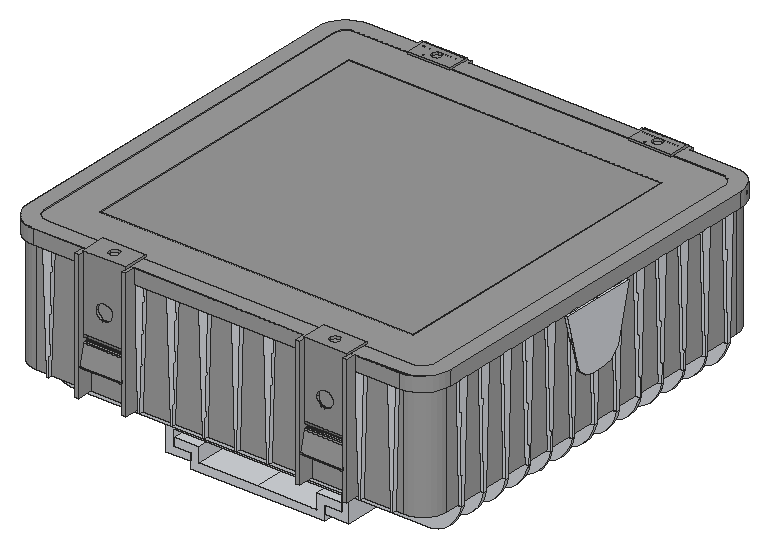
Revit family "BL726LEDHT - 2015", category Lighting Fixtures, host Face, Revit 2017
Family settings
  Host = Face
  Round Connector Dimension = Use Diameter
  Part Type = Normal
  Cut with Voids When Loaded = No
  Light Source = Yes
  Shared = No
  Room Calculation Point = No
Parameters (values of type "BL736LEDHTMOWT40120-277V")
  Wattage Comments = "70W"
  Wattage = 70 W
  built-in parameter 1150110 = 1 (stored number, unit not read)
  Type Image = <None>
  Type Comments = "The BOXLED is ideal for damp or wet applications\r\nincluding warehouses, factories, gymnasiums, loading docks, logistic\r\ncenters and open ceiling environments."
  built-in parameter 1114217 = 0.9 (stored number, unit not read)
  Tilt Angle = -90.00°
  built-in parameter 1150109 = 1 (stored number, unit not read)
  built-in parameter 1150134 = 12
  built-in parameter 1150113 = 1 (stored number, unit not read)
  Photometric Web File = "BL726LEDHTMOWT40120-277V TO REVIT.ies"
  Model = "BOX LED"
  Manufacturer = "BEGHELLI"
  built-in parameter 1150105 = 4251.9 (stored number, unit not read)
  Lumens = 8750 lm
  built-in parameter 1150115 = 1 (stored number, unit not read)
  built-in parameter 1150137 = (empty or 0)
  built-in parameter 1150139 = (empty or 0)
  built-in parameter 1150112 = 1 (stored number, unit not read)
  built-in parameter 1150114 = 1 (stored number, unit not read)
  Lamp = "LED"
  built-in parameter 1150132 = (empty or 0)
  built-in parameter 1150102 = (empty or 0)
  built-in parameter 1150107 = 4000 (stored number, unit not read)
  built-in parameter 1150138 = (empty or 0)
  built-in parameter 1150106 = 42.519 (stored number, unit not read)
  Emit from Line Length = 2' - 0"
  built-in parameter 1150104 = 11.613 (stored number, unit not read)
  Dimming Lamp Color Temperature Shift = <None>
  Description = "BOXLED High-Bay Luminaires for Commercial\r\nand Industrial applications."
  Default Elevation = 4' - 0"
  Color Filter = 16777215
  built-in parameter 1114218 = 1 (stored number, unit not read)
  built-in parameter 1150133 = 10 (stored number, unit not read)
Reference planes (in)
  plane 1 "Center (Front/Back)": y = 0
  plane 2: z = 0
  plane 3 "Center (Left/Right)": x = 0
  plane 4: z = 6.14774
  plane 5: z = 6.15
  plane 6: y = 4.785
  plane 7: y = -4.785
Forms (in)
  Extrusion 1, solid
    sketch origin (0, 0, -2.59375) x (1, 0, 0) y (0, 0, 1)
      loop
        line (-2.77079, 3.72427) -> (-2.77079, 2.7983) -> (-2.02079, 2.7983) -> (-2.02079, 3.03658) -> (-2.53251, 3.03658) -> (-2.53251, 3.48599) -> (2.53251, 3.48599) -> (2.53251, 3.03658) -> (2.02079, 3.03658) -> (2.02079, 2.7983) -> (2.77079, 2.7983) -> (2.77079, 3.72427) -> (-2.77079, 3.72427)
    from -4.785 to 4.785
  Extrusion 2, solid
    sketch origin (0, 0, 0) x (1, 0, 0) y (0, 0, 1)
      loop
        line (-2.02079, 0.44283) -> (-2.02079, 0) -> (0, 0) -> (2.02079, 0) -> (2.02079, 0.44283) -> (2.53251, 0.44283) -> (2.53251, 0.68111) -> (1.78251, 0.68111) -> (1.78251, 0.23828) -> (0, 0.23828) -> (-1.78251, 0.23828) -> (-1.78251, 0.68111) -> (-2.53251, 0.68111) -> (-2.53251, 0.44283) -> (-2.02079, 0.44283)
    from -4.785 to 4.785
Dimensions and locks (in)
  plane 4 to host face = 0' - 6.14774"
  plane 5 to host face = 0' - 6.15"
  aligned and locked: plane 2 to host face
  aligned and locked: level to host face
  aligned and locked: plane 4 to imposter light
  aligned and locked: nested 1 to Extrusion 1
Nested families (in)
  nested 1: "BOX MIDI" at (0, 0, -4.00862), type "BOX MIDI"
Definition of nested family "BOX MIDI"
  Parameters (values of type "BOX MIDI")
    HOUSING MATERIAL = none
  Reference planes (in)
    plane 1 "Center (Front/Back)": y = 0
    plane 2: z = 0
    plane 3 "Center (Left/Right)": x = 0
    plane 4: z = 9.5
    plane 5: y = 6.3
    plane 6: y = -6.3
  Dimensions and locks (in)
    aligned and locked: plane 2 to level
  Nested families (in)
    nested 1: "HOUSING CLIPS" at (-8.73765, -14.38615, 8.03258), type "HOUSING CLIPS"
    nested 2: "HOUSING CLIPS" at (-2.08187, -14.38615, 8.03258), type "HOUSING CLIPS"
    nested 3: "REFLECTOR" at (0, 0, 0), type "REFLECTOR"
    nested 4: "HOUSING" at (0, 0, 0), type "HOUSING"
    nested 5: "LID" at (0, 0, 9.5), type "LID"
    nested 6: "HOUSING CLIPS MIDI 2" at (-8.7689, 14.3, 8.03125), type "HOUSING CLIPS MIDI 2"
    nested 7: "HOUSING CLIPS MIDI 2" at (-2.1053, 14.3, 8.03125), type "HOUSING CLIPS MIDI 2"
    nested 8: "LED BOARD" at (0, 0, 0), type "LED BOARD"
  Definition of nested family "HOUSING CLIPS"
    Parameters (values of type "HOUSING CLIPS")
      HOUSING MATERIAL = none
      CLIP MATERIAL = none
    Reference planes (in)
      plane 1 "Center (Front/Back)": y = 0
      plane 2: z = 0
      plane 3 "Center (Left/Right)": x = 0
    Forms (in)
      Extrusion 1, solid, material <- "CLIP MATERIAL"
        sketch origin (0, -15.92423, 1.61742) x (0, -1, 0) y (0, 0, -1)
          loop
            line (-8.02017, 1.91858) -> (-8.02017, -0.33884) -> (-7.25915, -0.33884) -> (-7.25915, -0.28501) -> (-7.96157, -0.28501) -> (-7.96157, 1.91858)
            arc (-7.96157, 1.91858) -> (-7.94503, 1.96186) -> (-7.90384, 1.98309) r 0.0649
            arc (-7.90384, 1.98309) -> (-7.83924, 2.06953) -> (-7.88292, 2.16822) r 0.10688
            line (-7.88292, 2.16822) -> (-7.95551, 2.1909) -> (-8.09942, 2.76761)
            arc (-8.09942, 2.76761) -> (-8.13714, 2.77261) -> (-8.15211, 2.73763) r 0.03147
            line (-8.15211, 2.73763) -> (-8.00989, 2.1668)
            arc (-8.00989, 2.1668) -> (-8.00142, 2.15027) -> (-7.98651, 2.1392) r 0.04088
            line (-7.98651, 2.1392) -> (-7.92892, 2.1212)
            arc (-7.92892, 2.1212) -> (-7.91415, 2.11404) -> (-7.90213, 2.10286) r 0.05539
            arc (-7.90213, 2.10286) -> (-7.8993, 2.06732) -> (-7.92164, 2.03953) r 0.04828
            arc (-7.92164, 2.03953) -> (-7.99242, 1.99658) -> (-8.02017, 1.91858) r 0.1235
        from 4.82662 to 6.12139
      Extrusion 2, void
        sketch origin (-0.09375, -15.92423, 1.61742) x (1, 0, 0) y (0, 0, -1)
          loop
            circle (5.57949, 1.11842) r 0.25
        from 7.87431 to 8.13209
      Extrusion 3, void
        sketch origin (-0.08594, -15.92423, 1.61742) x (0, -1, 0) y (1, 0, 0)
          loop
            circle (-7.64517, 5.56624) r 0.14931
        from 0.1961 to 0.44919
    Cuts and joins
      Extrusion 2, Extrusion 3 cuts Extrusion 1
    Dimensions and locks (in)
      aligned and locked: plane 2 to level
  Definition of nested family "REFLECTOR"
    Parameters (values of type "REFLECTOR")
      REFLECTOR MATERIAL = none
      HOUSING MATERIAL = none
    Reference planes (in)
      plane 1 "Center (Front/Back)": y = 0
      plane 2: z = 0
      plane 3 "Center (Left/Right)": x = 0
    Forms (in)
      Extrusion 1, solid, material <- "REFLECTOR MATERIAL"
        sketch origin (0, 0, 0) x (0, 1, 0) y (0, 0, 1)
          loop
            line (-5.82344, 9.41252) -> (-5.82344, 9.27847) -> (-0.55987, 6.77979)
            arc (-0.55987, 6.77979) -> (-0.41831, 6.80425) -> (-0.39385, 6.94581) r 0.12462
            arc (-0.39385, 6.94581) -> (-0.7778, 7.56797) -> (-0.838, 8.29658) r 1.56834
            line (-0.838, 8.29658) -> (-2.05585, 7.80454) -> (-2.01049, 7.69226) -> (-0.97656, 8.10999)
            arc (-0.97656, 8.10999) -> (-0.86516, 7.45241) -> (-0.50794, 6.88919) r 1.68944
            line (-0.50794, 6.88919) -> (-5.82344, 9.41252)
        from -5.89844 to 5.89844
      Extrusion 2, solid, material <- "REFLECTOR MATERIAL"
        sketch origin (0, 0, 0.01562) x (0, -1, 0) y (0, 0, -1)
          loop
            arc (-5.83125, -9.20943) -> (-3.44695, -7.55034) -> (-0.64489, -6.78488) r 8.55323
            line (-0.64489, -6.78488) -> (-0.64489, -6.66324)
            arc (-0.64489, -6.66324) -> (-3.4391, -7.41327) -> (-5.83125, -9.04048) r 8.67433
            line (-5.83125, -9.04048) -> (-5.83125, -9.20943)
        from -5.89844 to 5.89844
    Dimensions and locks (in)
      aligned and locked: plane 2 to level
  Definition of nested family "HOUSING"
    Parameters (values of type "HOUSING")
      HOUSING MATERIAL = none
    Reference planes (in)
      plane 1 "Center (Front/Back)": y = 0
      plane 2: z = 0
      plane 3 "Center (Left/Right)": x = 0
      plane 4: z = 9.5
      plane 5: x = -6.36
      plane 6: x = 6.36
      plane 7: y = 6.3
      plane 8: y = -6.3
      plane 9 "A": z = 5.13914
      plane 10: x = -6.36
    Forms (in)
      Extrusion 1, solid, material <- "HOUSING MATERIAL"
        sketch origin (0, 0, 9.10704) x (0, -1, 0) y (1, 0, 0)
          loop
            arc (-6.3125, -5.5305) -> (-6.06515, -6.12765) -> (-5.468, -6.375) r 0.8445
            line (-5.468, -6.375) -> (5.4555, -6.375)
            arc (5.4555, -6.375) -> (6.05265, -6.12765) -> (6.3, -5.5305) r 0.8445
            line (6.3, -5.5305) -> (6.3, -4.03349) -> (6.62294, -4.03349) -> (6.62294, -3.91279) -> (6.3, -3.91279) -> (6.3, -2.61801) -> (6.62294, -2.61801) -> (6.62294, -2.49731) -> (6.3, -2.49731) -> (6.3, 2.62552) -> (6.62294, 2.62552) -> (6.62294, 2.74622) -> (6.3, 2.74622) -> (6.3, 4.03319) -> (6.62294, 4.03319) -> (6.62294, 4.15389) -> (6.3, 4.15389) -> (6.3, 5.5305)
            arc (6.3, 5.5305) -> (6.05265, 6.12765) -> (5.4555, 6.375) r 0.8445
            line (5.4555, 6.375) -> (-5.468, 6.375)
            arc (-5.468, 6.375) -> (-6.06515, 6.12765) -> (-6.3125, 5.5305) r 0.8445
            line (-6.3125, 5.5305) -> (-6.3125, 4.15393) -> (-6.43458, 4.15393) -> (-6.43458, 4.03323) -> (-6.3125, 4.03323) -> (-6.3125, 2.74618) -> (-6.43458, 2.74618) -> (-6.43458, 2.62547) -> (-6.3125, 2.62547) -> (-6.3125, -2.50186) -> (-6.43458, -2.50186) -> (-6.43458, -2.62256) -> (-6.3125, -2.62256) -> (-6.3125, -3.90961) -> (-6.43458, -3.90961) -> (-6.43458, -4.03032) -> (-6.3125, -4.03032) -> (-6.3125, -5.5305)
          loop
            line (-5.468, -5.89844) -> (5.4555, -5.89844)
            arc (5.4555, -5.89844) -> (5.71567, -5.79067) -> (5.82344, -5.5305) r 0.36794
            line (5.82344, -5.5305) -> (5.82344, 5.5305)
            arc (5.82344, 5.5305) -> (5.71567, 5.79067) -> (5.4555, 5.89844) r 0.36794
            line (5.4555, 5.89844) -> (-5.468, 5.89844)
            arc (-5.468, 5.89844) -> (-5.72817, 5.79067) -> (-5.83594, 5.5305) r 0.36794
            line (-5.83594, 5.5305) -> (-5.83594, -5.5305)
            arc (-5.83594, -5.5305) -> (-5.72817, -5.79067) -> (-5.468, -5.89844) r 0.36794
        from 0.39296 to 0.8254
      Extrusion 2, solid, material <- "HOUSING MATERIAL"
        sketch origin (0, 0, 0) x (1, 0, 0) y (0, 1, 0)
          loop
            line (-4.03349, -6.17891) -> (-4.03349, -6.62294) -> (-3.91279, -6.62294) -> (-3.91279, -6.17891) -> (-2.61801, -6.17891) -> (-2.61801, -6.62294) -> (-2.49731, -6.62294) -> (-2.49731, -6.17891) -> (2.62552, -6.17891) -> (2.62552, -6.62294) -> (2.74622, -6.62294) -> (2.74622, -6.17891) -> (4.03319, -6.17891) -> (4.03319, -6.62294) -> (4.15389, -6.62294) -> (4.15389, -6.17891) -> (5.5305, -6.17891)
            arc (5.5305, -6.17891) -> (6.04202, -5.96702) -> (6.25391, -5.4555) r 0.72341
            line (6.25391, -5.4555) -> (6.25391, 5.468)
            arc (6.25391, 5.468) -> (6.04202, 5.97952) -> (5.5305, 6.19141) r 0.72341
            line (5.5305, 6.19141) -> (-5.5305, 6.19141)
            arc (-5.5305, 6.19141) -> (-6.04202, 5.97952) -> (-6.25391, 5.468) r 0.72341
            line (-6.25391, 5.468) -> (-6.25391, -5.4555)
            arc (-6.25391, -5.4555) -> (-6.04202, -5.96702) -> (-5.5305, -6.17891) r 0.72341
            line (-5.5305, -6.17891) -> (-4.03349, -6.17891)
        from 6.04979 to 9.5
      Extrusion 3, void
        sketch origin (0, 0, 0) x (1, 0, 0) y (0, 1, 0)
          loop
            line (-5.89844, 5.468) -> (-5.89844, -5.4555)
            arc (-5.89844, -5.4555) -> (-5.79067, -5.71567) -> (-5.5305, -5.82344) r 0.36794
            line (-5.5305, -5.82344) -> (5.5305, -5.82344)
            arc (5.5305, -5.82344) -> (5.79067, -5.71567) -> (5.89844, -5.4555) r 0.36794
            line (5.89844, -5.4555) -> (5.89844, 5.468)
            arc (5.89844, 5.468) -> (5.79067, 5.72817) -> (5.5305, 5.83594) r 0.36794
            line (5.5305, 5.83594) -> (-5.5305, 5.83594)
            arc (-5.5305, 5.83594) -> (-5.79067, 5.72817) -> (-5.89844, 5.468) r 0.36794
        from 6.67477 to 10.7086
      Extrusion 4, solid
        sketch origin (0, 0, 0) x (1, 0, 0) y (0, 0, -1)
          loop
            line (-6.36133, -6.04979) -> (6.375, -6.04979)
            arc (6.375, -6.04979) -> (6.05245, -5.4475) -> (5.44278, -5.13914) r 1.13602
            line (5.44278, -5.13914) -> (-5.42911, -5.13914)
            arc (-5.42911, -5.13914) -> (-6.03878, -5.4475) -> (-6.36133, -6.04979) r 1.13602
        from 4.99389 to 5.04709
      Extrusion 5, solid
        sketch origin (0, -0.83619, 0) x (1, 0, 0) y (0, 0, -1)
          loop
            line (-6.36133, -6.04979) -> (6.375, -6.04979)
            arc (6.375, -6.04979) -> (6.05245, -5.4475) -> (5.44278, -5.13914) r 1.13602
            line (5.44278, -5.13914) -> (-5.42911, -5.13914)
            arc (-5.42911, -5.13914) -> (-6.03878, -5.4475) -> (-6.36133, -6.04979) r 1.13602
        from 4.99389 to 5.04709
      Extrusion 6, solid
        sketch origin (0, -1.67239, 0) x (1, 0, 0) y (0, 0, -1)
          loop
            line (-6.36133, -6.04979) -> (6.375, -6.04979)
            arc (6.375, -6.04979) -> (6.05245, -5.4475) -> (5.44278, -5.13914) r 1.13602
            line (5.44278, -5.13914) -> (-5.42911, -5.13914)
            arc (-5.42911, -5.13914) -> (-6.03878, -5.4475) -> (-6.36133, -6.04979) r 1.13602
        from 4.99389 to 5.04709
      Extrusion 7, solid
        sketch origin (0, -2.50858, 0) x (1, 0, 0) y (0, 0, -1)
          loop
            line (-6.36133, -6.04979) -> (6.375, -6.04979)
            arc (6.375, -6.04979) -> (6.05245, -5.4475) -> (5.44278, -5.13914) r 1.13602
            line (5.44278, -5.13914) -> (-5.42911, -5.13914)
            arc (-5.42911, -5.13914) -> (-6.03878, -5.4475) -> (-6.36133, -6.04979) r 1.13602
        from 4.99389 to 5.04709
      Extrusion 8, solid
        sketch origin (0, -3.34478, 0) x (1, 0, 0) y (0, 0, -1)
          loop
            line (-6.36133, -6.04979) -> (6.375, -6.04979)
            arc (6.375, -6.04979) -> (6.05245, -5.4475) -> (5.44278, -5.13914) r 1.13602
            line (5.44278, -5.13914) -> (-5.42911, -5.13914)
            arc (-5.42911, -5.13914) -> (-6.03878, -5.4475) -> (-6.36133, -6.04979) r 1.13602
        from 4.99389 to 5.04709
      Extrusion 9, solid
        sketch origin (0, -4.18097, 0) x (1, 0, 0) y (0, 0, -1)
          loop
            line (-6.36133, -6.04979) -> (6.375, -6.04979)
            arc (6.375, -6.04979) -> (6.05245, -5.4475) -> (5.44278, -5.13914) r 1.13602
            line (5.44278, -5.13914) -> (-5.42911, -5.13914)
            arc (-5.42911, -5.13914) -> (-6.03878, -5.4475) -> (-6.36133, -6.04979) r 1.13602
        from 4.99389 to 5.04709
      Extrusion 10, solid
        sketch origin (0, -5.01717, 0) x (1, 0, 0) y (0, 0, -1)
          loop
            line (-6.36133, -6.04979) -> (6.375, -6.04979)
            arc (6.375, -6.04979) -> (6.05245, -5.4475) -> (5.44278, -5.13914) r 1.13602
            line (5.44278, -5.13914) -> (-5.42911, -5.13914)
            arc (-5.42911, -5.13914) -> (-6.03878, -5.4475) -> (-6.36133, -6.04979) r 1.13602
        from 4.99389 to 5.04709
      Extrusion 11, solid
        sketch origin (0, -5.85336, 0) x (1, 0, 0) y (0, 0, -1)
          loop
            line (-6.36133, -6.04979) -> (6.375, -6.04979)
            arc (6.375, -6.04979) -> (6.05245, -5.4475) -> (5.44278, -5.13914) r 1.13602
            line (5.44278, -5.13914) -> (-5.42911, -5.13914)
            arc (-5.42911, -5.13914) -> (-6.03878, -5.4475) -> (-6.36133, -6.04979) r 1.13602
        from 4.99389 to 5.04709
      Extrusion 12, solid
        sketch origin (0, -6.68956, 0) x (1, 0, 0) y (0, 0, -1)
          loop
            line (-6.36133, -6.04979) -> (6.375, -6.04979)
            arc (6.375, -6.04979) -> (6.05245, -5.4475) -> (5.44278, -5.13914) r 1.13602
            line (5.44278, -5.13914) -> (-5.42911, -5.13914)
            arc (-5.42911, -5.13914) -> (-6.03878, -5.4475) -> (-6.36133, -6.04979) r 1.13602
        from 4.99389 to 5.04709
      Extrusion 13, solid
        sketch origin (0, -7.52575, 0) x (1, 0, 0) y (0, 0, -1)
          loop
            line (-6.36133, -6.04979) -> (6.375, -6.04979)
            arc (6.375, -6.04979) -> (6.05245, -5.4475) -> (5.44278, -5.13914) r 1.13602
            line (5.44278, -5.13914) -> (-5.42911, -5.13914)
            arc (-5.42911, -5.13914) -> (-6.03878, -5.4475) -> (-6.36133, -6.04979) r 1.13602
        from 4.99389 to 5.04709
      Extrusion 14, solid
        sketch origin (0, -8.36195, 0) x (1, 0, 0) y (0, 0, -1)
          loop
            line (-6.36133, -6.04979) -> (6.375, -6.04979)
            arc (6.375, -6.04979) -> (6.05245, -5.4475) -> (5.44278, -5.13914) r 1.13602
            line (5.44278, -5.13914) -> (-5.42911, -5.13914)
            arc (-5.42911, -5.13914) -> (-6.03878, -5.4475) -> (-6.36133, -6.04979) r 1.13602
        from 4.99389 to 5.04709
      Extrusion 15, solid
        sketch origin (0, -9.19814, 0) x (1, 0, 0) y (0, 0, -1)
          loop
            line (-6.36133, -6.04979) -> (6.375, -6.04979)
            arc (6.375, -6.04979) -> (6.05245, -5.4475) -> (5.44278, -5.13914) r 1.13602
            line (5.44278, -5.13914) -> (-5.42911, -5.13914)
            arc (-5.42911, -5.13914) -> (-6.03878, -5.4475) -> (-6.36133, -6.04979) r 1.13602
        from 4.99389 to 5.04709
      Extrusion 16, solid
        sketch origin (0, -10.03434, 0) x (1, 0, 0) y (0, 0, -1)
          loop
            line (-6.36133, -6.04979) -> (6.375, -6.04979)
            arc (6.375, -6.04979) -> (6.05245, -5.4475) -> (5.44278, -5.13914) r 1.13602
            line (5.44278, -5.13914) -> (-5.42911, -5.13914)
            arc (-5.42911, -5.13914) -> (-6.03878, -5.4475) -> (-6.36133, -6.04979) r 1.13602
        from 4.99389 to 5.04709
      Extrusion 17, solid
        sketch origin (0, 20.13798, 0.55573) x (0, -1, 0) y (0, 0, 1)
          loop
            line (15.09088, 5.49406) -> (15.14409, 5.49406) -> (15.24262, 8.94427) -> (14.97903, 8.94427) -> (15.09088, 5.49406)
        from -6.375 to -6.25391
      Extrusion 18, solid
        sketch origin (0, 10.10364, 0.55573) x (0, -1, 0) y (0, 0, 1)
          loop
            line (15.09088, 5.49406) -> (15.14409, 5.49406) -> (15.24262, 8.94427) -> (14.97903, 8.94427) -> (15.09088, 5.49406)
        from -6.375 to -6.25391
      Extrusion 19, solid
        sketch origin (0, 19.30178, 0.55573) x (0, -1, 0) y (0, 0, 1)
          loop
            line (15.09088, 5.49406) -> (15.14409, 5.49406) -> (15.24262, 8.94427) -> (14.97903, 8.94427) -> (15.09088, 5.49406)
        from -6.375 to -6.25391
      Extrusion 20, solid
        sketch origin (0, 18.46559, 0.55573) x (0, -1, 0) y (0, 0, 1)
          loop
            line (15.09088, 5.49406) -> (15.14409, 5.49406) -> (15.24262, 8.94427) -> (14.97903, 8.94427) -> (15.09088, 5.49406)
        from -6.375 to -6.25391
      Extrusion 21, solid
        sketch origin (0, 17.62939, 0.55573) x (0, -1, 0) y (0, 0, 1)
          loop
            line (15.09088, 5.49406) -> (15.14409, 5.49406) -> (15.24262, 8.94427) -> (14.97903, 8.94427) -> (15.09088, 5.49406)
        from -6.375 to -6.25391
      Extrusion 22, solid
        sketch origin (0, 16.7932, 0.55573) x (0, -1, 0) y (0, 0, 1)
          loop
            line (15.09088, 5.49406) -> (15.14409, 5.49406) -> (15.24262, 8.94427) -> (14.97903, 8.94427) -> (15.09088, 5.49406)
        from -6.375 to -6.25391
      Extrusion 23, solid
        sketch origin (0, 15.957, 0.55573) x (0, -1, 0) y (0, 0, 1)
          loop
            line (15.09088, 5.49406) -> (15.14409, 5.49406) -> (15.24262, 8.94427) -> (14.97903, 8.94427) -> (15.09088, 5.49406)
        from -6.375 to -6.25391
      Extrusion 24, solid
        sketch origin (0, 15.12081, 0.55573) x (0, -1, 0) y (0, 0, 1)
          loop
            line (15.09088, 5.49406) -> (15.14409, 5.49406) -> (15.24262, 8.94427) -> (14.97903, 8.94427) -> (15.09088, 5.49406)
        from -6.375 to -6.25391
      Extrusion 25, solid
        sketch origin (0, 14.28461, 0.55573) x (0, -1, 0) y (0, 0, 1)
          loop
            line (15.09088, 5.49406) -> (15.14409, 5.49406) -> (15.24262, 8.94427) -> (14.97903, 8.94427) -> (15.09088, 5.49406)
        from -6.375 to -6.25391
      Extrusion 26, solid
        sketch origin (0, 13.44842, 0.55573) x (0, -1, 0) y (0, 0, 1)
          loop
            line (15.09088, 5.49406) -> (15.14409, 5.49406) -> (15.24262, 8.94427) -> (14.97903, 8.94427) -> (15.09088, 5.49406)
        from -6.375 to -6.25391
      Extrusion 27, solid
        sketch origin (0, 12.61222, 0.55573) x (0, -1, 0) y (0, 0, 1)
          loop
            line (15.09088, 5.49406) -> (15.14409, 5.49406) -> (15.24262, 8.94427) -> (14.97903, 8.94427) -> (15.09088, 5.49406)
        from -6.375 to -6.25391
      Extrusion 28, solid
        sketch origin (0, 11.77603, 0.55573) x (0, -1, 0) y (0, 0, 1)
          loop
            line (15.09088, 5.49406) -> (15.14409, 5.49406) -> (15.24262, 8.94427) -> (14.97903, 8.94427) -> (15.09088, 5.49406)
        from -6.375 to -6.25391
      Extrusion 29, solid
        sketch origin (0, 10.93983, 0.55573) x (0, -1, 0) y (0, 0, 1)
          loop
            line (15.09088, 5.49406) -> (15.14409, 5.49406) -> (15.24262, 8.94427) -> (14.97903, 8.94427) -> (15.09088, 5.49406)
        from -6.375 to -6.25391
      Extrusion 30, solid
        sketch origin (-1.03671, 0, 10.32145) x (0, -1, 0) y (0, 0, -1)
          loop
            line (-0.72141, 2.41285) -> (-1.14782, 0.82145) -> (0, 0.82145) -> (1.14782, 0.82145) -> (0.72141, 2.41285)
            arc (0.72141, 2.41285) -> (0.51178, 2.65151) -> (0.21284, 2.75891) r 0.63551
            line (0.21284, 2.75891) -> (-0.21284, 2.75891)
            arc (-0.21284, 2.75891) -> (-0.51178, 2.65151) -> (-0.72141, 2.41285) r 0.63551
        from 7.39671 to 7.49363
      Extrusion 31, solid
        sketch origin (0, -20.13798, 0.55573) x (0, 1, 0) y (0, 0, 1)
          loop
            line (25.18507, 5.49406) -> (25.29692, 8.94427) -> (25.03333, 8.94427) -> (25.13186, 5.49406) -> (25.18507, 5.49406)
        from -6.375 to -6.25391
      Extrusion 32, solid
        sketch origin (0, -10.10364, 0.55573) x (0, 1, 0) y (0, 0, 1)
          loop
            line (5.1164, 5.49406) -> (5.22825, 8.94427) -> (4.96466, 8.94427) -> (5.06319, 5.49406) -> (5.1164, 5.49406)
        from -6.375 to -6.25391
      Extrusion 33, solid
        sketch origin (0, -19.30178, 0.55573) x (0, 1, 0) y (0, 0, 1)
          loop
            line (23.51268, 5.49406) -> (23.62453, 8.94427) -> (23.36094, 8.94427) -> (23.45947, 5.49406) -> (23.51268, 5.49406)
        from -6.375 to -6.25391
      Extrusion 34, solid
        sketch origin (0, -18.46559, 0.55573) x (0, 1, 0) y (0, 0, 1)
          loop
            line (21.84029, 5.49406) -> (21.95214, 8.94427) -> (21.68855, 8.94427) -> (21.78708, 5.49406) -> (21.84029, 5.49406)
        from -6.375 to -6.25391
      Extrusion 35, solid
        sketch origin (0, -17.62939, 0.55573) x (0, 1, 0) y (0, 0, 1)
          loop
            line (20.1679, 5.49406) -> (20.27975, 8.94427) -> (20.01616, 8.94427) -> (20.11469, 5.49406) -> (20.1679, 5.49406)
        from -6.375 to -6.25391
      Extrusion 36, solid
        sketch origin (0, -16.7932, 0.55573) x (0, 1, 0) y (0, 0, 1)
          loop
            line (18.49551, 5.49406) -> (18.60737, 8.94427) -> (18.34377, 8.94427) -> (18.4423, 5.49406) -> (18.49551, 5.49406)
        from -6.375 to -6.25391
      Extrusion 37, solid
        sketch origin (0, -15.957, 0.55573) x (0, 1, 0) y (0, 0, 1)
          loop
            line (16.82312, 5.49406) -> (16.93498, 8.94427) -> (16.67138, 8.94427) -> (16.76991, 5.49406) -> (16.82312, 5.49406)
        from -6.375 to -6.25391
      Extrusion 38, solid
        sketch origin (0, -15.12081, 0.55573) x (0, 1, 0) y (0, 0, 1)
          loop
            line (15.15073, 5.49406) -> (15.26259, 8.94427) -> (14.99899, 8.94427) -> (15.09753, 5.49406) -> (15.15073, 5.49406)
        from -6.375 to -6.25391
      Extrusion 39, solid
        sketch origin (0, -14.28461, 0.55573) x (0, 1, 0) y (0, 0, 1)
          loop
            line (13.47834, 5.49406) -> (13.5902, 8.94427) -> (13.3266, 8.94427) -> (13.42514, 5.49406) -> (13.47834, 5.49406)
        from -6.375 to -6.25391
      Extrusion 40, solid
        sketch origin (0, -13.44842, 0.55573) x (0, 1, 0) y (0, 0, 1)
          loop
            line (11.80595, 5.49406) -> (11.91781, 8.94427) -> (11.65421, 8.94427) -> (11.75275, 5.49406) -> (11.80595, 5.49406)
        from -6.375 to -6.25391
      Extrusion 41, solid
        sketch origin (0, -12.61222, 0.55573) x (0, 1, 0) y (0, 0, 1)
          loop
            line (10.13356, 5.49406) -> (10.24542, 8.94427) -> (9.98182, 8.94427) -> (10.08036, 5.49406) -> (10.13356, 5.49406)
        from -6.375 to -6.25391
      Extrusion 42, solid
        sketch origin (0, -11.77603, 0.55573) x (0, 1, 0) y (0, 0, 1)
          loop
            line (8.46118, 5.49406) -> (8.57303, 8.94427) -> (8.30944, 8.94427) -> (8.40797, 5.49406) -> (8.46118, 5.49406)
        from -6.375 to -6.25391
      Extrusion 43, solid
        sketch origin (0, -10.93983, 0.55573) x (0, 1, 0) y (0, 0, 1)
          loop
            line (6.78879, 5.49406) -> (6.90064, 8.94427) -> (6.63705, 8.94427) -> (6.73558, 5.49406) -> (6.78879, 5.49406)
        from -6.375 to -6.25391
      Extrusion 44, solid
        sketch origin (1.03671, 0, 10.32145) x (0, -1, 0) y (0, 0, 1)
          loop
            arc (-0.72141, -2.41285) -> (-0.51178, -2.65151) -> (-0.21284, -2.75891) r 0.63551
            line (-0.21284, -2.75891) -> (0.21284, -2.75891)
            arc (0.21284, -2.75891) -> (0.51178, -2.65151) -> (0.72141, -2.41285) r 0.63551
            line (0.72141, -2.41285) -> (1.14782, -0.82145) -> (0, -0.82145) -> (-1.14782, -0.82145) -> (-0.72141, -2.41285)
        from 7.39671 to 7.49363
      Extrusion 45, solid
        sketch origin (-19.27379, 0.05907, 0.55573) x (1, 0, 0) y (0, 0, 1)
          loop
            line (15.09088, 5.49406) -> (15.14409, 5.49406) -> (15.24262, 8.94427) -> (14.97903, 8.94427) -> (15.09088, 5.49406)
        from -6.24093 to -6.13234
      Extrusion 46, solid
        sketch origin (-17.48089, 0.05907, 0.55573) x (1, 0, 0) y (0, 0, 1)
          loop
            line (15.09088, 5.49406) -> (15.14409, 5.49406) -> (15.24262, 8.94427) -> (14.97903, 8.94427) -> (15.09088, 5.49406)
        from -6.24093 to -6.13234
      Extrusion 47, solid
        sketch origin (-12.618, 0.05907, 0.55573) x (1, 0, 0) y (0, 0, 1)
          loop
            line (15.09088, 5.49406) -> (15.14409, 5.49406) -> (15.24262, 8.94427) -> (14.97903, 8.94427) -> (15.09088, 5.49406)
        from -6.24093 to -6.13234
      Extrusion 48, solid
        sketch origin (-10.8251, 0.05907, 0.55573) x (1, 0, 0) y (0, 0, 1)
          loop
            line (15.09088, 5.49406) -> (15.14409, 5.49406) -> (15.24262, 8.94427) -> (14.97903, 8.94427) -> (15.09088, 5.49406)
        from -6.24093 to -6.13234
      Extrusion 49, solid
        sketch origin (-16.50831, 0.05907, 0.55573) x (1, 0, 0) y (0, 0, 1)
          loop
            line (15.09088, 5.49406) -> (15.14409, 5.49406) -> (15.24262, 8.94427) -> (14.97903, 8.94427) -> (15.09088, 5.49406)
        from -6.24093 to -6.13234
      Extrusion 50, solid
        sketch origin (-15.53573, 0.05907, 0.55573) x (1, 0, 0) y (0, 0, 1)
          loop
            line (15.09088, 5.49406) -> (15.14409, 5.49406) -> (15.24262, 8.94427) -> (14.97903, 8.94427) -> (15.09088, 5.49406)
        from -6.24093 to -6.13234
      Extrusion 51, solid
        sketch origin (-14.56315, 0.05907, 0.55573) x (1, 0, 0) y (0, 0, 1)
          loop
            line (15.09088, 5.49406) -> (15.14409, 5.49406) -> (15.24262, 8.94427) -> (14.97903, 8.94427) -> (15.09088, 5.49406)
        from -6.24093 to -6.13234
      Extrusion 52, solid
        sketch origin (-13.59058, 0.05907, 0.55573) x (1, 0, 0) y (0, 0, 1)
          loop
            line (15.09088, 5.49406) -> (15.14409, 5.49406) -> (15.24262, 8.94427) -> (14.97903, 8.94427) -> (15.09088, 5.49406)
        from -6.24093 to -6.13234
      Extrusion 53, solid
        sketch origin (-20.50996, 0.05907, 0.55573) x (1, 0, 0) y (0, 0, 1)
          loop
            line (15.09088, 5.49406) -> (15.14409, 5.49406) -> (15.24262, 8.94427) -> (14.97903, 8.94427) -> (15.09088, 5.49406)
        from -6.24093 to -6.13234
      Extrusion 54, solid
        sketch origin (-9.85252, 0.05907, 0.55573) x (1, 0, 0) y (0, 0, 1)
          loop
            line (15.09088, 5.49406) -> (15.14409, 5.49406) -> (15.24262, 8.94427) -> (14.97903, 8.94427) -> (15.09088, 5.49406)
        from -6.24093 to -6.13234
      Extrusion 55, solid
        sketch origin (-9.85252, -12.41945, 0.55573) x (1, 0, 0) y (0, 0, 1)
          loop
            line (15.09088, 5.49406) -> (15.14409, 5.49406) -> (15.24262, 8.94427) -> (14.97903, 8.94427) -> (15.09088, 5.49406)
        from -6.24093 to -6.13234
      Extrusion 56, solid
        sketch origin (-10.8251, -12.41984, 0.55573) x (1, 0, 0) y (0, 0, 1)
          loop
            line (15.09088, 5.49406) -> (15.14409, 5.49406) -> (15.24262, 8.94427) -> (14.97903, 8.94427) -> (15.09088, 5.49406)
        from -6.24093 to -6.13234
      Extrusion 57, solid
        sketch origin (10.94619, -12.41984, 0.55573) x (-1, 0, 0) y (0, 0, -1)
          loop
            line (15.09088, -5.49406) -> (14.97903, -8.94427) -> (15.24262, -8.94427) -> (15.14409, -5.49406) -> (15.09088, -5.49406)
        from -6.24093 to -6.13234
      Extrusion 58, solid
        sketch origin (-20.24825, -12.41984, 0.55573) x (1, 0, 0) y (0, 0, 1)
          loop
            line (15.09088, 5.49406) -> (15.14409, 5.49406) -> (15.24262, 8.94427) -> (14.97903, 8.94427) -> (15.09088, 5.49406)
        from -6.24093 to -6.13234
      Extrusion 59, solid
        sketch origin (12.74529, -12.41984, 0.55573) x (-1, 0, 0) y (0, 0, -1)
          loop
            line (15.09088, -5.49406) -> (14.97903, -8.94427) -> (15.24262, -8.94427) -> (15.14409, -5.49406) -> (15.09088, -5.49406)
        from -6.24093 to -6.13234
      Extrusion 60, solid
        sketch origin (-12.6171, -12.41984, 0.55573) x (1, 0, 0) y (0, 0, 1)
          loop
            line (15.09088, 5.49406) -> (15.14409, 5.49406) -> (15.24262, 8.94427) -> (14.97903, 8.94427) -> (15.09088, 5.49406)
        from -6.24093 to -6.13234
      Extrusion 61, solid
        sketch origin (-16.50831, -12.30265, 0.55573) x (1, 0, 0) y (0, 0, 1)
          loop
            line (15.09088, 5.49406) -> (15.14409, 5.49406) -> (15.24262, 8.94427) -> (14.97903, 8.94427) -> (15.09088, 5.49406)
        from -6.24093 to -6.13234
      Extrusion 62, solid
        sketch origin (-15.53573, -12.30265, 0.55573) x (1, 0, 0) y (0, 0, 1)
          loop
            line (15.09088, 5.49406) -> (15.14409, 5.49406) -> (15.24262, 8.94427) -> (14.97903, 8.94427) -> (15.09088, 5.49406)
        from -6.24093 to -6.13234
      Extrusion 63, solid
        sketch origin (-14.56315, -12.30265, 0.55573) x (1, 0, 0) y (0, 0, 1)
          loop
            line (15.09088, 5.49406) -> (15.14409, 5.49406) -> (15.24262, 8.94427) -> (14.97903, 8.94427) -> (15.09088, 5.49406)
        from -6.24093 to -6.13234
      Extrusion 64, solid
        sketch origin (-13.59058, -12.30265, 0.55573) x (1, 0, 0) y (0, 0, 1)
          loop
            line (15.09088, 5.49406) -> (15.14409, 5.49406) -> (15.24262, 8.94427) -> (14.97903, 8.94427) -> (15.09088, 5.49406)
        from -6.24093 to -6.13234
    Cuts and joins
      Extrusion 3 cuts Extrusion 1
      Extrusion 3 cuts Extrusion 2
      joined: Extrusion 1, Extrusion 2
    Dimensions and locks (in)
      equal spacing: group 14, group 16, group 17, group 18, group 19, group 20, group 21, group 22, group 23, group 24, group 25, group 26, group 15  (x2)
      equal spacing: group 15, group 26, group 25, group 24, group 23, group 22, group 21, group 20, group 19, group 18, group 17, group 16, group 14
      aligned and locked: plane 2 to level
  Definition of nested family "LID"
    Parameters (values of type "LID")
      LENS MATERIAL = none
      HOUSING MATERIAL = none
    Reference planes (in)
      plane 1 "Center (Front/Back)": y = 0
      plane 2: z = 0
      plane 3 "Center (Left/Right)": x = 0
      plane 4: x = -6.375
      plane 5: x = 6.375
      plane 6: y = 6.3125
      plane 7: y = -6.3125
    Forms (in)
      Extrusion 1, solid, material <- "HOUSING MATERIAL"
        sketch origin (0, 0, 0) x (1, 0, 0) y (0, 1, 0)
          loop
            arc (-5.5305, 6.3125) -> (-6.12765, 6.06515) -> (-6.375, 5.468) r 0.8445
            line (-6.375, 5.468) -> (-6.375, -5.468)
            arc (-6.375, -5.468) -> (-6.12765, -6.06515) -> (-5.5305, -6.3125) r 0.8445
            line (-5.5305, -6.3125) -> (5.5305, -6.3125)
            arc (5.5305, -6.3125) -> (6.12765, -6.06515) -> (6.375, -5.468) r 0.8445
            line (6.375, -5.468) -> (6.375, 5.468)
            arc (6.375, 5.468) -> (6.12765, 6.06515) -> (5.5305, 6.3125) r 0.8445
            line (5.5305, 6.3125) -> (-5.5305, 6.3125)
          loop
            line (-4.8125, 4.67304) -> (-4.8125, -4.70281) -> (4.625, -4.70281) -> (4.625, 4.67304) -> (-4.8125, 4.67304)
        from 0 to 0.43104
      Extrusion 2, solid, material <- "LENS MATERIAL"
        sketch origin (0, 0, 0) x (1, 0, 0) y (0, 1, 0)
          loop
            line (-4.8125, 4.67304) -> (-4.8125, -4.70281) -> (4.625, -4.70281) -> (4.625, 4.67304) -> (-4.8125, 4.67304)
        from 0 to 0.43104
    Dimensions and locks (in)
      plane 4 to plane 3 "Center (Left/Right)" = 0' - 6 3/8"
      plane 6 to plane 1 "Center (Front/Back)" = 0' - 6 5/16"
      aligned and locked: plane 2 to level
  Definition of nested family "HOUSING CLIPS MIDI 2"
    Parameters (values of type "HOUSING CLIPS MIDI 2")
      HOUSING MATERIAL = none
      CLIP MATERIAL = none
    Reference planes (in)
      plane 1 "Center (Front/Back)": y = 0
      plane 2: z = 0
      plane 3 "Center (Left/Right)": x = 0
    Forms (in)
      Extrusion 1, solid, material <- "CLIP MATERIAL"
        sketch origin (0, -15.92423, 1.61742) x (0, -1, 0) y (0, 0, -1)
          loop
            line (-8.04751, -0.03359) -> (-8.04751, -0.28024)
            arc (-8.04751, -0.28024) -> (-8.03035, -0.32167) -> (-7.98892, -0.33884) r 0.05859
            line (-7.98892, -0.33884) -> (-7.38951, -0.33884) -> (-7.38951, -0.28501) -> (-7.87253, -0.28501)
            arc (-7.87253, -0.28501) -> (-7.92257, -0.26428) -> (-7.9433, -0.21424) r 0.07077
            line (-7.9433, -0.21424) -> (-7.9433, -0.03359)
            arc (-7.9433, -0.03359) -> (-7.99541, 0.01852) -> (-8.04751, -0.03359) r 0.0521
        from 4.86009 to 6.1303
      Extrusion 2, void
        sketch origin (-0.05469, -15.88516, 1.61742) x (0, -1, 0) y (1, 0, 0)
          loop
            circle (-7.64517, 5.56624) r 0.14844
        from 0.1961 to 0.44919
    Cuts and joins
      Extrusion 2 cuts Extrusion 1
    Dimensions and locks (in)
      aligned and locked: plane 2 to level
  Definition of nested family "LED BOARD"
    Parameters (values of type "LED BOARD")
      LED CHIP = none
      LED BOARD = none
      HOUSING MATERIAL = none
    Reference planes (in)
      plane 1 "Center (Front/Back)": y = 0
      plane 2: z = 0
      plane 3 "Center (Left/Right)": x = 0
      plane 4: z = 9.5
      plane 5 "A": z = 5.13914
      plane 6: y = 1.08
      plane 7: y = -1.08
      plane 8: x = -5.89844
      plane 9: x = 5.89844
    Forms (in)
      Extrusion 1, solid, material <- "LED BOARD"
        sketch origin (0, 0, 0) x (0, 1, 0) y (0, 0, 1)
          loop
            line (1.08, 6.75806) -> (-1.08, 6.75806) -> (-1.08, 6.67886) -> (1.08, 6.67886) -> (1.08, 6.75806)
        from -5.89844 to 5.89844
      Extrusion 2, solid, material <- "LED CHIP"
        sketch origin (-2.31519, 0, 0) x (1, 0, 0) y (0, 1, 0)
          loop
            line (-3.31571, 0.06163) -> (-3.31571, -0.05781) -> (-3.18632, -0.05781) -> (-3.18632, 0.06163) -> (-3.31571, 0.06163)
        from 6.75806 to 6.78035
      Extrusion 3, solid, material <- "LED CHIP"
        sketch origin (-2.31519, 0.26805, 0) x (1, 0, 0) y (0, 1, 0)
          loop
            line (-3.31571, 0.06163) -> (-3.31571, -0.05781) -> (-3.18632, -0.05781) -> (-3.18632, 0.06163) -> (-3.31571, 0.06163)
        from 6.75806 to 6.78035
      Extrusion 4, solid, material <- "LED CHIP"
        sketch origin (-2.31519, -0.26805, 0) x (1, 0, 0) y (0, 1, 0)
          loop
            line (-3.31571, -0.06163) -> (-3.18632, -0.06163) -> (-3.18632, 0.05781) -> (-3.31571, 0.05781) -> (-3.31571, -0.06163)
        from 6.75806 to 6.78035
      Extrusion 5, solid, material <- "LED CHIP"
        sketch origin (8.81722, 0, 0) x (1, 0, 0) y (0, 1, 0)
          loop
            line (-3.31571, 0.06163) -> (-3.31571, -0.05781) -> (-3.18632, -0.05781) -> (-3.18632, 0.06163) -> (-3.31571, 0.06163)
        from 6.75806 to 6.78035
      Extrusion 6, solid, material <- "LED CHIP"
        sketch origin (8.81722, 0.26805, 0) x (1, 0, 0) y (0, 1, 0)
          loop
            line (-3.31571, 0.06163) -> (-3.31571, -0.05781) -> (-3.18632, -0.05781) -> (-3.18632, 0.06163) -> (-3.31571, 0.06163)
        from 6.75806 to 6.78035
      Extrusion 7, solid, material <- "LED CHIP"
        sketch origin (8.81722, -0.26805, 0) x (1, 0, 0) y (0, 1, 0)
          loop
            line (-3.31571, -0.06163) -> (-3.18632, -0.06163) -> (-3.18632, 0.05781) -> (-3.31571, 0.05781) -> (-3.31571, -0.06163)
        from 6.75806 to 6.78035
      Extrusion 8, solid, material <- "LED CHIP"
        sketch origin (-2.088, 0, 0) x (1, 0, 0) y (0, 1, 0)
          loop
            line (-3.31571, 0.06163) -> (-3.31571, -0.05781) -> (-3.18632, -0.05781) -> (-3.18632, 0.06163) -> (-3.31571, 0.06163)
        from 6.75806 to 6.78035
      Extrusion 9, solid, material <- "LED CHIP"
        sketch origin (-2.088, 0.26805, 0) x (1, 0, 0) y (0, 1, 0)
          loop
            line (-3.31571, 0.06163) -> (-3.31571, -0.05781) -> (-3.18632, -0.05781) -> (-3.18632, 0.06163) -> (-3.31571, 0.06163)
        from 6.75806 to 6.78035
      Extrusion 10, solid, material <- "LED CHIP"
        sketch origin (-2.088, -0.26805, 0) x (1, 0, 0) y (0, 1, 0)
          loop
            line (-3.31571, -0.06163) -> (-3.18632, -0.06163) -> (-3.18632, 0.05781) -> (-3.31571, 0.05781) -> (-3.31571, -0.06163)
        from 6.75806 to 6.78035
      Extrusion 11, solid, material <- "LED CHIP"
        sketch origin (-1.86081, 0, 0) x (1, 0, 0) y (0, 1, 0)
          loop
            line (-3.31571, 0.06163) -> (-3.31571, -0.05781) -> (-3.18632, -0.05781) -> (-3.18632, 0.06163) -> (-3.31571, 0.06163)
        from 6.75806 to 6.78035
      Extrusion 12, solid, material <- "LED CHIP"
        sketch origin (-1.86081, 0.26805, 0) x (1, 0, 0) y (0, 1, 0)
          loop
            line (-3.31571, 0.06163) -> (-3.31571, -0.05781) -> (-3.18632, -0.05781) -> (-3.18632, 0.06163) -> (-3.31571, 0.06163)
        from 6.75806 to 6.78035
      Extrusion 13, solid, material <- "LED CHIP"
        sketch origin (-1.86081, -0.26805, 0) x (1, 0, 0) y (0, 1, 0)
          loop
            line (-3.31571, -0.06163) -> (-3.18632, -0.06163) -> (-3.18632, 0.05781) -> (-3.31571, 0.05781) -> (-3.31571, -0.06163)
        from 6.75806 to 6.78035
      Extrusion 14, solid, material <- "LED CHIP"
        sketch origin (-1.63362, 0, 0) x (1, 0, 0) y (0, 1, 0)
          loop
            line (-3.31571, 0.06163) -> (-3.31571, -0.05781) -> (-3.18632, -0.05781) -> (-3.18632, 0.06163) -> (-3.31571, 0.06163)
        from 6.75806 to 6.78035
      Extrusion 15, solid, material <- "LED CHIP"
        sketch origin (-1.63362, 0.26805, 0) x (1, 0, 0) y (0, 1, 0)
          loop
            line (-3.31571, 0.06163) -> (-3.31571, -0.05781) -> (-3.18632, -0.05781) -> (-3.18632, 0.06163) -> (-3.31571, 0.06163)
        from 6.75806 to 6.78035
      Extrusion 16, solid, material <- "LED CHIP"
        sketch origin (-1.63362, -0.26805, 0) x (1, 0, 0) y (0, 1, 0)
          loop
            line (-3.31571, -0.06163) -> (-3.18632, -0.06163) -> (-3.18632, 0.05781) -> (-3.31571, 0.05781) -> (-3.31571, -0.06163)
        from 6.75806 to 6.78035
      Extrusion 17, solid, material <- "LED CHIP"
        sketch origin (-1.40642, 0, 0) x (1, 0, 0) y (0, 1, 0)
          loop
            line (-3.31571, 0.06163) -> (-3.31571, -0.05781) -> (-3.18632, -0.05781) -> (-3.18632, 0.06163) -> (-3.31571, 0.06163)
        from 6.75806 to 6.78035
      Extrusion 18, solid, material <- "LED CHIP"
        sketch origin (-1.40642, 0.26805, 0) x (1, 0, 0) y (0, 1, 0)
          loop
            line (-3.31571, 0.06163) -> (-3.31571, -0.05781) -> (-3.18632, -0.05781) -> (-3.18632, 0.06163) -> (-3.31571, 0.06163)
        from 6.75806 to 6.78035
      Extrusion 19, solid, material <- "LED CHIP"
        sketch origin (-1.40642, -0.26805, 0) x (1, 0, 0) y (0, 1, 0)
          loop
            line (-3.31571, -0.06163) -> (-3.18632, -0.06163) -> (-3.18632, 0.05781) -> (-3.31571, 0.05781) -> (-3.31571, -0.06163)
        from 6.75806 to 6.78035
      Extrusion 20, solid, material <- "LED CHIP"
        sketch origin (-1.17923, 0, 0) x (1, 0, 0) y (0, 1, 0)
          loop
            line (-3.31571, 0.06163) -> (-3.31571, -0.05781) -> (-3.18632, -0.05781) -> (-3.18632, 0.06163) -> (-3.31571, 0.06163)
        from 6.75806 to 6.78035
      Extrusion 21, solid, material <- "LED CHIP"
        sketch origin (-1.17923, 0.26805, 0) x (1, 0, 0) y (0, 1, 0)
          loop
            line (-3.31571, 0.06163) -> (-3.31571, -0.05781) -> (-3.18632, -0.05781) -> (-3.18632, 0.06163) -> (-3.31571, 0.06163)
        from 6.75806 to 6.78035
      Extrusion 22, solid, material <- "LED CHIP"
        sketch origin (-1.17923, -0.26805, 0) x (1, 0, 0) y (0, 1, 0)
          loop
            line (-3.31571, -0.06163) -> (-3.18632, -0.06163) -> (-3.18632, 0.05781) -> (-3.31571, 0.05781) -> (-3.31571, -0.06163)
        from 6.75806 to 6.78035
      Extrusion 23, solid, material <- "LED CHIP"
        sketch origin (-0.95204, 0, 0) x (1, 0, 0) y (0, 1, 0)
          loop
            line (-3.31571, 0.06163) -> (-3.31571, -0.05781) -> (-3.18632, -0.05781) -> (-3.18632, 0.06163) -> (-3.31571, 0.06163)
        from 6.75806 to 6.78035
      Extrusion 24, solid, material <- "LED CHIP"
        sketch origin (-0.95204, 0.26805, 0) x (1, 0, 0) y (0, 1, 0)
          loop
            line (-3.31571, 0.06163) -> (-3.31571, -0.05781) -> (-3.18632, -0.05781) -> (-3.18632, 0.06163) -> (-3.31571, 0.06163)
        from 6.75806 to 6.78035
      Extrusion 25, solid, material <- "LED CHIP"
        sketch origin (-0.95204, -0.26805, 0) x (1, 0, 0) y (0, 1, 0)
          loop
            line (-3.31571, -0.06163) -> (-3.18632, -0.06163) -> (-3.18632, 0.05781) -> (-3.31571, 0.05781) -> (-3.31571, -0.06163)
        from 6.75806 to 6.78035
      Extrusion 26, solid, material <- "LED CHIP"
        sketch origin (-0.72485, 0, 0) x (1, 0, 0) y (0, 1, 0)
          loop
            line (-3.31571, 0.06163) -> (-3.31571, -0.05781) -> (-3.18632, -0.05781) -> (-3.18632, 0.06163) -> (-3.31571, 0.06163)
        from 6.75806 to 6.78035
      Extrusion 27, solid, material <- "LED CHIP"
        sketch origin (-0.72485, 0.26805, 0) x (1, 0, 0) y (0, 1, 0)
          loop
            line (-3.31571, 0.06163) -> (-3.31571, -0.05781) -> (-3.18632, -0.05781) -> (-3.18632, 0.06163) -> (-3.31571, 0.06163)
        from 6.75806 to 6.78035
      Extrusion 28, solid, material <- "LED CHIP"
        sketch origin (-0.72485, -0.26805, 0) x (1, 0, 0) y (0, 1, 0)
          loop
            line (-3.31571, -0.06163) -> (-3.18632, -0.06163) -> (-3.18632, 0.05781) -> (-3.31571, 0.05781) -> (-3.31571, -0.06163)
        from 6.75806 to 6.78035
      Extrusion 29, solid, material <- "LED CHIP"
        sketch origin (-0.49766, 0, 0) x (1, 0, 0) y (0, 1, 0)
          loop
            line (-3.31571, 0.06163) -> (-3.31571, -0.05781) -> (-3.18632, -0.05781) -> (-3.18632, 0.06163) -> (-3.31571, 0.06163)
        from 6.75806 to 6.78035
      Extrusion 30, solid, material <- "LED CHIP"
        sketch origin (-0.49766, 0.26805, 0) x (1, 0, 0) y (0, 1, 0)
          loop
            line (-3.31571, 0.06163) -> (-3.31571, -0.05781) -> (-3.18632, -0.05781) -> (-3.18632, 0.06163) -> (-3.31571, 0.06163)
        from 6.75806 to 6.78035
      Extrusion 31, solid, material <- "LED CHIP"
        sketch origin (-0.49766, -0.26805, 0) x (1, 0, 0) y (0, 1, 0)
          loop
            line (-3.31571, -0.06163) -> (-3.18632, -0.06163) -> (-3.18632, 0.05781) -> (-3.31571, 0.05781) -> (-3.31571, -0.06163)
        from 6.75806 to 6.78035
      Extrusion 32, solid, material <- "LED CHIP"
        sketch origin (-0.27046, 0, 0) x (1, 0, 0) y (0, 1, 0)
          loop
            line (-3.31571, 0.06163) -> (-3.31571, -0.05781) -> (-3.18632, -0.05781) -> (-3.18632, 0.06163) -> (-3.31571, 0.06163)
        from 6.75806 to 6.78035
      Extrusion 33, solid, material <- "LED CHIP"
        sketch origin (-0.27046, 0.26805, 0) x (1, 0, 0) y (0, 1, 0)
          loop
            line (-3.31571, 0.06163) -> (-3.31571, -0.05781) -> (-3.18632, -0.05781) -> (-3.18632, 0.06163) -> (-3.31571, 0.06163)
        from 6.75806 to 6.78035
      Extrusion 34, solid, material <- "LED CHIP"
        sketch origin (-0.27046, -0.26805, 0) x (1, 0, 0) y (0, 1, 0)
          loop
            line (-3.31571, -0.06163) -> (-3.18632, -0.06163) -> (-3.18632, 0.05781) -> (-3.31571, 0.05781) -> (-3.31571, -0.06163)
        from 6.75806 to 6.78035
      Extrusion 35, solid, material <- "LED CHIP"
        sketch origin (-0.04327, 0, 0) x (1, 0, 0) y (0, 1, 0)
          loop
            line (-3.31571, 0.06163) -> (-3.31571, -0.05781) -> (-3.18632, -0.05781) -> (-3.18632, 0.06163) -> (-3.31571, 0.06163)
        from 6.75806 to 6.78035
      Extrusion 36, solid, material <- "LED CHIP"
        sketch origin (-0.04327, 0.26805, 0) x (1, 0, 0) y (0, 1, 0)
          loop
            line (-3.31571, 0.06163) -> (-3.31571, -0.05781) -> (-3.18632, -0.05781) -> (-3.18632, 0.06163) -> (-3.31571, 0.06163)
        from 6.75806 to 6.78035
      Extrusion 37, solid, material <- "LED CHIP"
        sketch origin (-0.04327, -0.26805, 0) x (1, 0, 0) y (0, 1, 0)
          loop
            line (-3.31571, -0.06163) -> (-3.18632, -0.06163) -> (-3.18632, 0.05781) -> (-3.31571, 0.05781) -> (-3.31571, -0.06163)
        from 6.75806 to 6.78035
      Extrusion 38, solid, material <- "LED CHIP"
        sketch origin (0.18392, 0, 0) x (1, 0, 0) y (0, 1, 0)
          loop
            line (-3.31571, 0.06163) -> (-3.31571, -0.05781) -> (-3.18632, -0.05781) -> (-3.18632, 0.06163) -> (-3.31571, 0.06163)
        from 6.75806 to 6.78035
      Extrusion 39, solid, material <- "LED CHIP"
        sketch origin (0.18392, 0.26805, 0) x (1, 0, 0) y (0, 1, 0)
          loop
            line (-3.31571, 0.06163) -> (-3.31571, -0.05781) -> (-3.18632, -0.05781) -> (-3.18632, 0.06163) -> (-3.31571, 0.06163)
        from 6.75806 to 6.78035
      Extrusion 40, solid, material <- "LED CHIP"
        sketch origin (0.18392, -0.26805, 0) x (1, 0, 0) y (0, 1, 0)
          loop
            line (-3.31571, -0.06163) -> (-3.18632, -0.06163) -> (-3.18632, 0.05781) -> (-3.31571, 0.05781) -> (-3.31571, -0.06163)
        from 6.75806 to 6.78035
      Extrusion 41, solid, material <- "LED CHIP"
        sketch origin (0.41111, 0, 0) x (1, 0, 0) y (0, 1, 0)
          loop
            line (-3.31571, 0.06163) -> (-3.31571, -0.05781) -> (-3.18632, -0.05781) -> (-3.18632, 0.06163) -> (-3.31571, 0.06163)
        from 6.75806 to 6.78035
      Extrusion 42, solid, material <- "LED CHIP"
        sketch origin (0.41111, 0.26805, 0) x (1, 0, 0) y (0, 1, 0)
          loop
            line (-3.31571, 0.06163) -> (-3.31571, -0.05781) -> (-3.18632, -0.05781) -> (-3.18632, 0.06163) -> (-3.31571, 0.06163)
        from 6.75806 to 6.78035
      Extrusion 43, solid, material <- "LED CHIP"
        sketch origin (0.41111, -0.26805, 0) x (1, 0, 0) y (0, 1, 0)
          loop
            line (-3.31571, -0.06163) -> (-3.18632, -0.06163) -> (-3.18632, 0.05781) -> (-3.31571, 0.05781) -> (-3.31571, -0.06163)
        from 6.75806 to 6.78035
      Extrusion 44, solid, material <- "LED CHIP"
        sketch origin (0.63831, 0, 0) x (1, 0, 0) y (0, 1, 0)
          loop
            line (-3.31571, 0.06163) -> (-3.31571, -0.05781) -> (-3.18632, -0.05781) -> (-3.18632, 0.06163) -> (-3.31571, 0.06163)
        from 6.75806 to 6.78035
      Extrusion 45, solid, material <- "LED CHIP"
        sketch origin (0.63831, 0.26805, 0) x (1, 0, 0) y (0, 1, 0)
          loop
            line (-3.31571, 0.06163) -> (-3.31571, -0.05781) -> (-3.18632, -0.05781) -> (-3.18632, 0.06163) -> (-3.31571, 0.06163)
        from 6.75806 to 6.78035
      Extrusion 46, solid, material <- "LED CHIP"
        sketch origin (0.63831, -0.26805, 0) x (1, 0, 0) y (0, 1, 0)
          loop
            line (-3.31571, -0.06163) -> (-3.18632, -0.06163) -> (-3.18632, 0.05781) -> (-3.31571, 0.05781) -> (-3.31571, -0.06163)
        from 6.75806 to 6.78035
      Extrusion 47, solid, material <- "LED CHIP"
        sketch origin (0.8655, 0, 0) x (1, 0, 0) y (0, 1, 0)
          loop
            line (-3.31571, 0.06163) -> (-3.31571, -0.05781) -> (-3.18632, -0.05781) -> (-3.18632, 0.06163) -> (-3.31571, 0.06163)
        from 6.75806 to 6.78035
      Extrusion 48, solid, material <- "LED CHIP"
        sketch origin (0.8655, 0.26805, 0) x (1, 0, 0) y (0, 1, 0)
          loop
            line (-3.31571, 0.06163) -> (-3.31571, -0.05781) -> (-3.18632, -0.05781) -> (-3.18632, 0.06163) -> (-3.31571, 0.06163)
        from 6.75806 to 6.78035
      Extrusion 49, solid, material <- "LED CHIP"
        sketch origin (0.8655, -0.26805, 0) x (1, 0, 0) y (0, 1, 0)
          loop
            line (-3.31571, -0.06163) -> (-3.18632, -0.06163) -> (-3.18632, 0.05781) -> (-3.31571, 0.05781) -> (-3.31571, -0.06163)
        from 6.75806 to 6.78035
      Extrusion 50, solid, material <- "LED CHIP"
        sketch origin (1.09269, 0, 0) x (1, 0, 0) y (0, 1, 0)
          loop
            line (-3.31571, 0.06163) -> (-3.31571, -0.05781) -> (-3.18632, -0.05781) -> (-3.18632, 0.06163) -> (-3.31571, 0.06163)
        from 6.75806 to 6.78035
      Extrusion 51, solid, material <- "LED CHIP"
        sketch origin (1.09269, 0.26805, 0) x (1, 0, 0) y (0, 1, 0)
          loop
            line (-3.31571, 0.06163) -> (-3.31571, -0.05781) -> (-3.18632, -0.05781) -> (-3.18632, 0.06163) -> (-3.31571, 0.06163)
        from 6.75806 to 6.78035
      Extrusion 52, solid, material <- "LED CHIP"
        sketch origin (1.09269, -0.26805, 0) x (1, 0, 0) y (0, 1, 0)
          loop
            line (-3.31571, -0.06163) -> (-3.18632, -0.06163) -> (-3.18632, 0.05781) -> (-3.31571, 0.05781) -> (-3.31571, -0.06163)
        from 6.75806 to 6.78035
      Extrusion 53, solid, material <- "LED CHIP"
        sketch origin (1.31988, 0, 0) x (1, 0, 0) y (0, 1, 0)
          loop
            line (-3.31571, 0.06163) -> (-3.31571, -0.05781) -> (-3.18632, -0.05781) -> (-3.18632, 0.06163) -> (-3.31571, 0.06163)
        from 6.75806 to 6.78035
      Extrusion 54, solid, material <- "LED CHIP"
        sketch origin (1.31988, 0.26805, 0) x (1, 0, 0) y (0, 1, 0)
          loop
            line (-3.31571, 0.06163) -> (-3.31571, -0.05781) -> (-3.18632, -0.05781) -> (-3.18632, 0.06163) -> (-3.31571, 0.06163)
        from 6.75806 to 6.78035
      Extrusion 55, solid, material <- "LED CHIP"
        sketch origin (1.31988, -0.26805, 0) x (1, 0, 0) y (0, 1, 0)
          loop
            line (-3.31571, -0.06163) -> (-3.18632, -0.06163) -> (-3.18632, 0.05781) -> (-3.31571, 0.05781) -> (-3.31571, -0.06163)
        from 6.75806 to 6.78035
      Extrusion 56, solid, material <- "LED CHIP"
        sketch origin (1.54707, 0, 0) x (1, 0, 0) y (0, 1, 0)
          loop
            line (-3.31571, 0.06163) -> (-3.31571, -0.05781) -> (-3.18632, -0.05781) -> (-3.18632, 0.06163) -> (-3.31571, 0.06163)
        from 6.75806 to 6.78035
      Extrusion 57, solid, material <- "LED CHIP"
        sketch origin (1.54707, 0.26805, 0) x (1, 0, 0) y (0, 1, 0)
          loop
            line (-3.31571, 0.06163) -> (-3.31571, -0.05781) -> (-3.18632, -0.05781) -> (-3.18632, 0.06163) -> (-3.31571, 0.06163)
        from 6.75806 to 6.78035
      Extrusion 58, solid, material <- "LED CHIP"
        sketch origin (1.54707, -0.26805, 0) x (1, 0, 0) y (0, 1, 0)
          loop
            line (-3.31571, -0.06163) -> (-3.18632, -0.06163) -> (-3.18632, 0.05781) -> (-3.31571, 0.05781) -> (-3.31571, -0.06163)
        from 6.75806 to 6.78035
      Extrusion 59, solid, material <- "LED CHIP"
        sketch origin (1.77427, 0, 0) x (1, 0, 0) y (0, 1, 0)
          loop
            line (-3.31571, 0.06163) -> (-3.31571, -0.05781) -> (-3.18632, -0.05781) -> (-3.18632, 0.06163) -> (-3.31571, 0.06163)
        from 6.75806 to 6.78035
      Extrusion 60, solid, material <- "LED CHIP"
        sketch origin (1.77427, 0.26805, 0) x (1, 0, 0) y (0, 1, 0)
          loop
            line (-3.31571, 0.06163) -> (-3.31571, -0.05781) -> (-3.18632, -0.05781) -> (-3.18632, 0.06163) -> (-3.31571, 0.06163)
        from 6.75806 to 6.78035
      Extrusion 61, solid, material <- "LED CHIP"
        sketch origin (1.77427, -0.26805, 0) x (1, 0, 0) y (0, 1, 0)
          loop
            line (-3.31571, -0.06163) -> (-3.18632, -0.06163) -> (-3.18632, 0.05781) -> (-3.31571, 0.05781) -> (-3.31571, -0.06163)
        from 6.75806 to 6.78035
      Extrusion 62, solid, material <- "LED CHIP"
        sketch origin (2.00146, 0, 0) x (1, 0, 0) y (0, 1, 0)
          loop
            line (-3.31571, 0.06163) -> (-3.31571, -0.05781) -> (-3.18632, -0.05781) -> (-3.18632, 0.06163) -> (-3.31571, 0.06163)
        from 6.75806 to 6.78035
      Extrusion 63, solid, material <- "LED CHIP"
        sketch origin (2.00146, 0.26805, 0) x (1, 0, 0) y (0, 1, 0)
          loop
            line (-3.31571, 0.06163) -> (-3.31571, -0.05781) -> (-3.18632, -0.05781) -> (-3.18632, 0.06163) -> (-3.31571, 0.06163)
        from 6.75806 to 6.78035
      Extrusion 64, solid, material <- "LED CHIP"
        sketch origin (2.00146, -0.26805, 0) x (1, 0, 0) y (0, 1, 0)
          loop
            line (-3.31571, -0.06163) -> (-3.18632, -0.06163) -> (-3.18632, 0.05781) -> (-3.31571, 0.05781) -> (-3.31571, -0.06163)
        from 6.75806 to 6.78035
      Extrusion 65, solid, material <- "LED CHIP"
        sketch origin (2.22865, 0, 0) x (1, 0, 0) y (0, 1, 0)
          loop
            line (-3.31571, 0.06163) -> (-3.31571, -0.05781) -> (-3.18632, -0.05781) -> (-3.18632, 0.06163) -> (-3.31571, 0.06163)
        from 6.75806 to 6.78035
      Extrusion 66, solid, material <- "LED CHIP"
        sketch origin (2.22865, 0.26805, 0) x (1, 0, 0) y (0, 1, 0)
          loop
            line (-3.31571, 0.06163) -> (-3.31571, -0.05781) -> (-3.18632, -0.05781) -> (-3.18632, 0.06163) -> (-3.31571, 0.06163)
        from 6.75806 to 6.78035
      Extrusion 67, solid, material <- "LED CHIP"
        sketch origin (2.22865, -0.26805, 0) x (1, 0, 0) y (0, 1, 0)
          loop
            line (-3.31571, -0.06163) -> (-3.18632, -0.06163) -> (-3.18632, 0.05781) -> (-3.31571, 0.05781) -> (-3.31571, -0.06163)
        from 6.75806 to 6.78035
      Extrusion 68, solid, material <- "LED CHIP"
        sketch origin (2.45584, 0, 0) x (1, 0, 0) y (0, 1, 0)
          loop
            line (-3.31571, 0.06163) -> (-3.31571, -0.05781) -> (-3.18632, -0.05781) -> (-3.18632, 0.06163) -> (-3.31571, 0.06163)
        from 6.75806 to 6.78035
      Extrusion 69, solid, material <- "LED CHIP"
        sketch origin (2.45584, 0.26805, 0) x (1, 0, 0) y (0, 1, 0)
          loop
            line (-3.31571, 0.06163) -> (-3.31571, -0.05781) -> (-3.18632, -0.05781) -> (-3.18632, 0.06163) -> (-3.31571, 0.06163)
        from 6.75806 to 6.78035
      Extrusion 70, solid, material <- "LED CHIP"
        sketch origin (2.45584, -0.26805, 0) x (1, 0, 0) y (0, 1, 0)
          loop
            line (-3.31571, -0.06163) -> (-3.18632, -0.06163) -> (-3.18632, 0.05781) -> (-3.31571, 0.05781) -> (-3.31571, -0.06163)
        from 6.75806 to 6.78035
      Extrusion 71, solid, material <- "LED CHIP"
        sketch origin (2.68304, 0, 0) x (1, 0, 0) y (0, 1, 0)
          loop
            line (-3.31571, 0.06163) -> (-3.31571, -0.05781) -> (-3.18632, -0.05781) -> (-3.18632, 0.06163) -> (-3.31571, 0.06163)
        from 6.75806 to 6.78035
